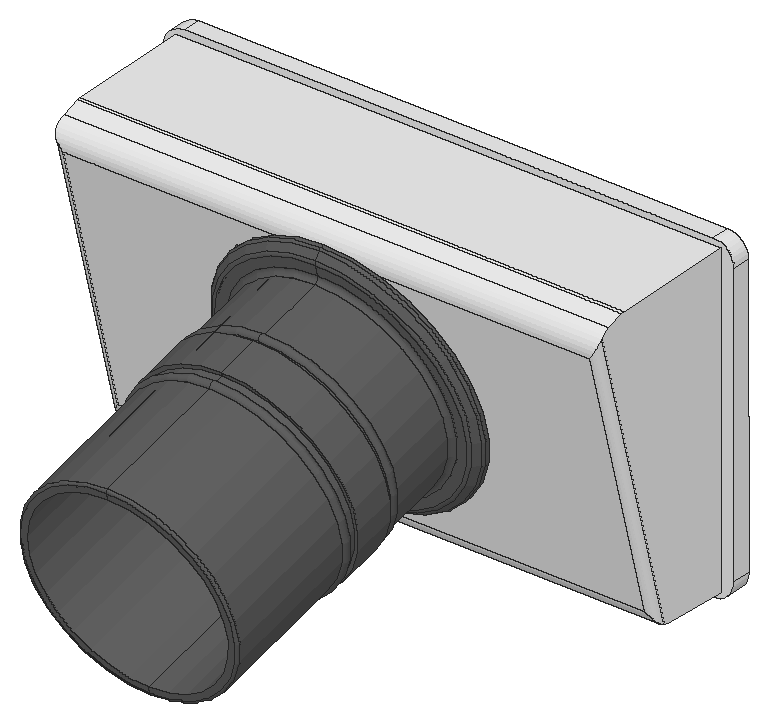
Revit family "Wall_Seal-Ariex-TSS-575-Titan-GS30", category Specialty Equipment, Revit 2012
Parameters (values of type "Standard")
  Width = 6.90"  # constant formula
  Unit = Plastic - Airex - Rigid
  URL = "http://www.airexmfg.com/index.htm"
  Technical Information = "http://www.airexmfg.com/prodspecs.htm"
  Submittal URL = "http://www.airexmfg.com/pdf/airexTitanGS30SSsubmittal2013.pdf"
  Sleeve = Plastic - Airex - Elastomeric
  Model = "TSS575"  # constant formula
  Manufacturer Phone = "(760) 343-2277"  # constant formula
  Manufacturer Fax = "(760) 343-5599"  # constant formula
  Manufacturer Email = "mailto:customerservice@airexmfg.com"
  Manufacturer Address = "72170 Dunham Way, Suite D , Thousand Palms, CA 92276."  # constant formula
  Manufacturer = "AIREX Manufacturing Inc."  # constant formula
  Length = 3.90"  # constant formula
  Inner Radius = Inner Diameter / 2  # 1.19"
  Inner Diameter = 2.38"  # constant formula
  Description = "Titan GS-30 Wall Seal System"  # constant formula
  Default Elevation = 0.00"
  Cost Info = "mailto:customerservice@airexmfg.com"
  Brochure URL = "http://www.airexmfg.com/titan.htm"
Reference planes (in)
  plane 1 "Center (Front/Back)": y = 0
  plane 2: z = 0
  plane 3 "Center (Left/Right)": x = 0
  plane 4: x = -3.45
  plane 5: x = 3.45
  plane 6: z = 3.9
  plane 7: z = 1.95
Dimensions and locks (in)
  equal spacing: plane 6, plane 7, level
  "Length": plane 6 to plane 2
  equal spacing: plane 5, plane 3 "Center (Left/Right)", plane 4
  "Width": plane 5 to plane 4
  aligned and locked: plane 2 to level
  aligned and locked: plane 3 "Center (Left/Right)" to nested 1
  aligned and locked: nested 1 to plane 2
  aligned and locked: nested 2 to plane 3 "Center (Left/Right)"
  aligned and locked: nested 2 to nested 1
Nested families (in)
  nested 1: "Wall Mounted Outlet-TSS" at (0, 0, 1.94922) x (1, 0, 0) z (0, -1, 0), type "Wall Mounted Outlet-TSS"
  nested 2: "Inlet Sleeve" at (0, -1.68376, 1.94908) x (-1, 0, 0) z (0, -0.9659, -0.2588), type "Inlet Sleeve"
Definition of nested family "Wall Mounted Outlet-TSS"
  Parameters (values of type "Wall Mounted Outlet-TSS")
    Width = 6.89844"  # constant formula
    Unit = Plastic - Airex - Rigid
    Inner Radius = Inner Diameter / 2  # 0.84375"
    Inner Diameter = 1.6875"
    Height = 3.89844"  # constant formula
    Default Elevation = 0.00"
  Reference planes (in)
    plane 1 "Center (Front/Back)": y = 0
    plane 2: z = 0
    plane 3 "Center (Left/Right)": x = 0
    plane 4: x = -3.44922
    plane 5: x = 3.44922
    plane 6: y = 1.94922
    plane 7: y = -1.94922
    plane 8: through (0, -0.00014, 1.68376) normal (0, 0.9659, 0.2588)
  Forms (in)
    Extrusion 1, solid, material "Plastic - Airex - Rigid" <- "Unit", detail levels medium+fine
      sketch origin (0, 0, 0) x (1, 0, 0) y (0, 1, 0)
        loop
          line (-3.44922, 1.69922) -> (-3.44922, -1.69922)
          arc (-3.44922, -1.69922) -> (-3.376, -1.876) -> (-3.19922, -1.94922) r 0.25
          line (-3.19922, -1.94922) -> (3.19922, -1.94922)
          arc (3.19922, -1.94922) -> (3.376, -1.876) -> (3.44922, -1.69922) r 0.25
          line (3.44922, -1.69922) -> (3.44922, 1.69922)
          arc (3.44922, 1.69922) -> (3.376, 1.876) -> (3.19922, 1.94922) r 0.25
          line (3.19922, 1.94922) -> (-3.19922, 1.94922)
          arc (-3.19922, 1.94922) -> (-3.376, 1.876) -> (-3.44922, 1.69922) r 0.25
      from 0 to 0.21955
    Sweep 2, void
      path in 3D
        loop
          line (-3.295, -2.89861, 0.90712) -> (-3.295, 1.75233, 2.15334)
      profile origin (-3.295, -0.57314, 1.53023) x (0, 0.258819, -0.965926) y (-1, 0, 0)
        loop
          line (0, 0) -> (0, -0.10163)
          arc (0, -0.10163) -> (0.02977, -0.02977) -> (0.10163, 0) r 0.10163
          line (0.10163, 0) -> (0, 0)
    Sweep 3, void
      path in 3D
        loop
          line (3.295, -3.0773, 0.85924) -> (3.295, 1.75233, 2.15334)
      profile origin (3.295, -0.66248, 1.50629) x (0, -0.258819, 0.965926) y (1, 0, 0)
        loop
          line (0, 0) -> (-0.10163, 0)
          arc (-0.10163, 0) -> (-0.02977, -0.02977) -> (0, -0.10163) r 0.10163
          line (0, -0.10163) -> (0, 0)
    Extrusion 4, void
      sketch origin (0, 0, 0) x (1, 0, 0) y (0, 1, 0)
        loop
          circle (0, 0) r 0.84375
      from 0.21955 to 2.42295
    Extrusion 5, solid, material "Plastic - Airex - Rigid" <- "Unit", detail levels fine
      sketch origin (0, 0, 0) x (0, 1, 0) y (0, 0, 1)
        loop
          arc (-1.65923, 1.23921) -> (-1.79018, 1.15336) -> (-1.84438, 1.00645) r 0.25
          line (-1.84438, 1.00645) -> (-1.87186, 0.21955) -> (1.87186, 0.21955) -> (1.82088, 1.67925)
          arc (1.82088, 1.67925) -> (1.81864, 1.69892) -> (1.81335, 1.718) r 0.12617
          line (1.81335, 1.718) -> (1.74191, 1.91428)
          arc (1.74191, 1.91428) -> (1.62242, 2.05053) -> (1.44228, 2.07026) r 0.25
          line (1.44228, 2.07026) -> (-1.65923, 1.23921)
      from -3.295 to 3.295
    Extrusion 6, solid, material "Plastic - Airex - Rigid" <- "Unit", detail levels coarse
      sketch origin (0, 0, 0) x (0, 1, 0) y (0, 0, 1)
        loop
          line (-1.83792, 1.19133) -> (-1.87186, 0.21955) -> (-1.94922, 0.21955) -> (-1.94922, 0) -> (1.94922, 0) -> (1.94922, 0.21955) -> (1.87186, 0.21955) -> (1.80385, 2.16714) -> (-1.83792, 1.19133)
      from -3.44922 to 3.44922
    Extrusion 7, solid, material "Plastic - Airex - Rigid" <- "Unit", detail levels medium
      sketch origin (0, 0, 0) x (0, 1, 0) y (0, 0, 1)
        loop
          arc (-1.65923, 1.23921) -> (-1.79018, 1.15336) -> (-1.84438, 1.00645) r 0.25
          line (-1.84438, 1.00645) -> (-1.87186, 0.21955) -> (1.87186, 0.21955) -> (1.82088, 1.67925)
          arc (1.82088, 1.67925) -> (1.81864, 1.69892) -> (1.81335, 1.718) r 0.12617
          line (1.81335, 1.718) -> (1.74191, 1.91428)
          arc (1.74191, 1.91428) -> (1.62242, 2.05053) -> (1.44228, 2.07026) r 0.25
          line (1.44228, 2.07026) -> (-1.65923, 1.23921)
      from -3.295 to 3.295
  Cuts and joins
    Sweep 2, Sweep 3, Extrusion 4 cuts Extrusion 1
    Sweep 2, Sweep 3, Extrusion 4 cuts Extrusion 5
  Lines and regions (in)
    sketch lines
      curve 1: line (-3.295, -2.89861, 0.90712) -> (-3.295, 1.75233, 2.15334)
      curve 2: line (3.295, -3.0773, 0.85924) -> (3.295, 1.75233, 2.15334)
    symbolic lines, style "Wall Mounted Outlet"
      curve 3: line (3.19922, 1.94922, 0) -> (-3.19922, 1.94922, 0)
      curve 4: arc (-3.19922, 1.94922, 0) -> (-3.376, 1.876, 0) -> (-3.44922, 1.69922, 0) r 0.25
      curve 5: line (-3.44922, 1.69922, 0) -> (-3.44922, -1.69922, 0)
      curve 6: arc (-3.44922, -1.69922, 0) -> (-3.376, -1.876, 0) -> (-3.19922, -1.94922, 0) r 0.25
      curve 7: line (-3.19922, -1.94922, 0) -> (3.19922, -1.94922, 0)
      curve 8: arc (3.19922, -1.94922, 0) -> (3.376, -1.876, 0) -> (3.44922, -1.69922, 0) r 0.25
      curve 9: line (3.44922, -1.69922, 0) -> (3.44922, 1.69922, 0)
      curve 10: arc (3.44922, 1.69922, 0) -> (3.376, 1.876, 0) -> (3.19922, 1.94922, 0) r 0.25
      curve 11: line (-3.295, 1.87186, 0) -> (3.295, 1.87186, 0)
      curve 12: line (-3.295, -1.87186, 0) -> (-3.295, 1.87186, 0)
      curve 13: line (3.295, -1.87186, 0) -> (-3.295, -1.87186, 0)
      curve 14: line (3.295, 1.87186, 0) -> (3.295, -1.87186, 0)
      curve 15: circle (0, 0, 0) r 0.84375 normal (0, 0, 1)
      curve 24: line (0, 1.87186, 0.21955) -> (0, -1.87186, 0.21955)
    symbolic lines, style "Wall Mounted Outlet", detail levels coarse
      curve 16: line (0, -1.83792, 1.19133) -> (0, 1.80385, 2.16714)
      curve 17: line (0, 1.80385, 2.16714) -> (0, 1.87186, 0.21955)
      curve 18: line (0, 1.87186, 0.21955) -> (0, 1.94922, 0.21955)
      curve 19: line (0, 1.94922, 0.21955) -> (0, 1.94922, 0)
      curve 20: line (0, 1.94922, 0) -> (0, -1.94922, 0)
      curve 21: line (0, -1.94922, 0) -> (0, -1.94922, 0.21955)
      curve 22: line (0, -1.94922, 0.21955) -> (0, -1.87186, 0.21955)
      curve 23: line (0, -1.87186, 0.21955) -> (0, -1.83792, 1.19133)
      curve 36: line (3.44922, 0, 2.16714) -> (-3.44922, 0, 2.16714)
      curve 37: line (-3.44922, 0, 2.16714) -> (-3.44922, 0, 0)
      curve 38: line (-3.44922, 0, 1.19133) -> (3.44922, 0, 1.19133)
      curve 39: line (3.44922, 0, 0.21955) -> (-3.44922, 0, 0.21955)
      curve 40: line (-3.44922, 0, 0) -> (3.44922, 0, 0)
      curve 41: line (3.44922, 0, 0) -> (3.44922, 0, 2.16714)
    symbolic lines, style "Wall Mounted Outlet", detail levels medium+fine
      curve 25: line (0, -1.6634, 1.23809) -> (0, 1.44219, 2.07027)
      curve 26: line (0, 1.82019, 1.69922) -> (0, 1.87186, 0.21955)
      curve 27: line (0, 1.87186, 0.21955) -> (0, 1.94922, 0.21955)
      curve 28: line (0, 1.94922, 0.21955) -> (0, 1.94922, 0)
      curve 29: line (0, 1.94922, 0) -> (0, -1.94922, 0)
      curve 30: line (0, -1.94922, 0) -> (0, -1.94922, 0.21955)
      curve 31: line (0, -1.94922, 0.21955) -> (0, -1.87186, 0.21955)
      curve 32: line (0, -1.87186, 0.21955) -> (0, -1.84438, 1.00645)
      curve 33: line (0, 1.82019, 1.69922) -> (0, 1.74181, 1.91424)
      curve 34: arc (0, 1.74181, 1.91424) -> (0, 1.62233, 2.0505) -> (0, 1.44219, 2.07027) r 0.25006
      curve 35: arc (0, -1.84438, 1.00645) -> (0, -1.7915, 1.15166) -> (0, -1.6634, 1.23809) r 0.25017
      curve 48: line (3.44922, 0, 0.21955) -> (-3.44922, 0, 0.21955)
      curve 49: line (-3.44922, 0, 0) -> (3.44922, 0, 0)
      curve 50: line (-3.44922, 0, 0.21955) -> (-3.44922, 0, 0)
      curve 51: line (3.44922, 0, 0.21955) -> (3.44922, 0, 0)
    symbolic lines, style "Wall Mounted Outlet", detail levels medium
      curve 42: line (-3.295, 0, 2.0788) -> (3.295, 0, 2.0788)
      curve 43: line (-3.295, 0, 0.21955) -> (3.295, 0, 0.21955)
      curve 44: line (-3.295, 0, 2.0788) -> (-3.295, 0, 0.21955)
      curve 45: line (3.295, 0, 0.21955) -> (3.295, 0, 2.0788)
      curve 46: line (-3.295, 0, 1.23921) -> (3.295, 0, 1.23921)
    symbolic lines, style "Wall Mounted Outlet", detail levels fine
      curve 47: line (-3.295, 0, 2.02994) -> (-3.295, 0, 0.21955)
      curve 52: spline (3.24981, 0, 2.07846) -> (3.2549, 0, 2.07681) -> (3.25977, 0, 2.07468) -> (3.26442, 0, 2.07205) -> (3.26885, 0, 2.06894) -> (3.27303, 0, 2.06535) -> (3.27697, 0, 2.06129) -> (3.28066, 0, 2.05676) -> (3.28408, 0, 2.05179) -> (3.28723, 0, 2.04637) -> (3.2901, 0, 2.04051) -> (3.2927, 0, 2.03424) -> (3.295, 0, 2.02756)
      curve 53: spline (3.295, 0, 1.0974) -> (3.29182, 0, 1.11525) -> (3.28753, 0, 1.1323) -> (3.28216, 0, 1.14844) -> (3.27574, 0, 1.16355) -> (3.26832, 0, 1.17755) -> (3.25994, 0, 1.19034) -> (3.25065, 0, 1.20184) -> (3.24052, 0, 1.21198) -> (3.22961, 0, 1.2207) -> (3.218, 0, 1.22792) -> (3.20575, 0, 1.23362) -> (3.19294, 0, 1.23775)
      curve 54: spline (-3.19317, 0, 1.23789) -> (-3.20475, 0, 1.23395) -> (-3.21598, 0, 1.22832) -> (-3.22681, 0, 1.22106) -> (-3.23715, 0, 1.21221) -> (-3.24693, 0, 1.20182) -> (-3.2561, 0, 1.18998) -> (-3.26458, 0, 1.17675) -> (-3.27233, 0, 1.16222) -> (-3.27929, 0, 1.1465) -> (-3.28542, 0, 1.12969) -> (-3.29066, 0, 1.11189) -> (-3.295, 0, 1.09324)
      curve 55: line (3.295, 0, 0.21955) -> (3.295, 0, 2.02756)
      curve 56: spline (-0.83957, 0, 1.6838) -> (-0.81758, 0, 1.62604) -> (-0.73733, 0, 1.57184) -> (-0.60453, 0, 1.52507) -> (-0.42867, 0, 1.48905) -> (-0.22225, 0, 1.46636) -> (0, 0, 1.45862) -> (0.22225, 0, 1.46636) -> (0.42867, 0, 1.48905) -> (0.60453, 0, 1.52507) -> (0.73733, 0, 1.57184) -> (0.81758, 0, 1.62604) -> (0.83957, 0, 1.6838)
      curve 57: spline (0.83957, 0, 1.6838) -> (0.81758, 0, 1.74156) -> (0.73733, 0, 1.79576) -> (0.60453, 0, 1.84253) -> (0.42867, 0, 1.87855) -> (0.22225, 0, 1.90124) -> (0, 0, 1.90898) -> (-0.22225, 0, 1.90124) -> (-0.42867, 0, 1.87855) -> (-0.60453, 0, 1.84253) -> (-0.73733, 0, 1.79576) -> (-0.81758, 0, 1.74156) -> (-0.83957, 0, 1.6838)
      curve 58: spline (-3.295, 0, 2.02994) -> (-3.29289, 0, 2.03737) -> (-3.29023, 0, 2.04424) -> (-3.28702, 0, 2.05052) -> (-3.28329, 0, 2.0562) -> (-3.27904, 0, 2.06125) -> (-3.27429, 0, 2.06566) -> (-3.26904, 0, 2.06942) -> (-3.26332, 0, 2.07251) -> (-3.25715, 0, 2.07492) -> (-3.25054, 0, 2.07665) -> (-3.24352, 0, 2.07769) -> (-3.2361, 0, 2.07804)
      curve 59: line (-3.2361, 0, 2.07846) -> (3.24981, 0, 2.07846)
      curve 60: line (-3.19317, 0, 1.23789) -> (3.19294, 0, 1.23775)
  Dimensions and locks (in)
    equal spacing: plane 4, plane 3 "Center (Left/Right)", plane 5
    equal spacing: plane 6, plane 1 "Center (Front/Back)", plane 7
    "Height": plane 6 to plane 7
    "Width": plane 4 to plane 5
    "Inner Radius": radius of Extrusion 4 sketch curve
    "Inner Radius": radius of curve 15
    aligned and locked: plane 2 to level
    aligned and locked: Extrusion 1 sketch curve to plane 4
    aligned and locked: plane 7 to Extrusion 1 sketch curve
    aligned and locked: plane 5 to Extrusion 1 sketch curve
    aligned and locked: Extrusion 1 sketch curve to plane 6
    aligned and locked: plane 1 "Center (Front/Back)" to Extrusion 4 sketch curve
    aligned and locked: plane 3 "Center (Left/Right)" to Extrusion 4 sketch curve
    aligned and locked: Extrusion 6 to plane 4
    aligned and locked: Extrusion 6 to plane 5
    aligned and locked: curve 16 to Extrusion 6
    aligned and locked: curve 17 to Extrusion 6
    aligned and locked: curve 18 to Extrusion 6
    aligned and locked: curve 19 to Extrusion 6
    aligned and locked: curve 20 to Extrusion 6
    aligned and locked: curve 21 to Extrusion 6
    aligned and locked: curve 22 to Extrusion 6
    aligned and locked: curve 23 to Extrusion 6
    aligned and locked: curve 36 to Extrusion 6
    aligned and locked: curve 37 to Extrusion 6
    aligned and locked: curve 38 to Extrusion 6
    aligned and locked: curve 39 to Extrusion 6
    aligned and locked: curve 40 to Extrusion 6
    aligned and locked: curve 41 to Extrusion 6
    aligned and locked: Extrusion 7 to curve 43
    aligned and locked: curve 43 to Extrusion 7
    aligned and locked: curve 44 to Extrusion 7
    aligned and locked: curve 45 to Extrusion 7
    aligned and locked: curve 44 to curve 46
    aligned and locked: curve 46 to Extrusion 7
    aligned and locked: curve 47 to cut or joined group of Sweep 2, Sweep 3, Extrusion 4, Extrusion 5
    aligned and locked: curve 48 to cut or joined group of Extrusion 1, Sweep 2, Sweep 3, Extrusion 4
    aligned and locked: curve 49 to cut or joined group of Extrusion 1, Sweep 2, Sweep 3, Extrusion 4
    aligned and locked: curve 50 to cut or joined group of Extrusion 1, Sweep 2, Sweep 3, Extrusion 4
    aligned and locked: curve 51 to cut or joined group of Extrusion 1, Sweep 2, Sweep 3, Extrusion 4
    aligned and locked: curve 55 to cut or joined group of Sweep 2, Sweep 3, Extrusion 4, Extrusion 5
  Automatic sketch dimensions
    curve 5 to plane 4 = 0.00"
    plane 7 to curve 6 = 0.00"
    curve 3 to plane 6 = 0.00"
    plane 1 "Center (Front/Back)" to curve 15 = 0.00"
    curve 15 to plane 3 "Center (Left/Right)" = 0.00"
    curve 9 to plane 5 = 0.00"
    plane 4 to curve 12 = 0.15422"
    curve 12 to curve 6 = 0.09578"
    curve 11 to curve 4 = 0.09578"
    curve 8 to curve 9 = 0.25"
    curve 10 to curve 9 = 0.25"
    curve 7 to curve 14 = 0.09578"
    curve 14 to plane 7 = 0.07736"
    curve 11 to plane 6 = 0.07736"
    curve 20 to level = 0.00"
    curve 20 to plane 7 = 0.00"
    curve 19 to plane 6 = 0.00"
    curve 32 to plane 7 = 0.07736"
    curve 35 to plane 7 = 0.10484"
    curve 16 to plane 7 = 0.1113"
    curve 16 to curve 35 = 0.17452"
    curve 25 to curve 35 = 0.06904"
    curve 34 to plane 6 = 0.50703"
    curve 25 to curve 34 = 0.06464"
    curve 34 to plane 6 = 0.2074"
    curve 16 to plane 6 = 0.14537"
    curve 26 to plane 6 = 0.12903"
    curve 33 to curve 26 = 0.00"  (x2)
    curve 26 to plane 6 = 0.07736"
    level to curve 19 = 0.21955"
    curve 22 to curve 35 = 0.77809"
    curve 35 to curve 32 = 0.00882"
    curve 23 to curve 35 = 0.04676"
    curve 17 to curve 26 = 1.47967"
    curve 26 to curve 34 = 0.12949"
    curve 26 to curve 34 = 0.21502"
    plane 4 to Extrusion 1 sketch curve = 0.25"  (x2)
    plane 5 to Extrusion 1 sketch curve = 0.25"  (x2)
    profile plane to Sweep 2 sketch curve = 0.00"
    Sweep 2 sketch curve to profile plane = 0.00"
    Sweep 2 sketch curve to Sweep 2 sketch curve = 0.10163"
    Sweep 3 sketch curve to profile plane = 0.00"  (x2)
    Sweep 3 sketch curve to Sweep 3 sketch curve = 0.10163"
    Extrusion 5 sketch curve to plane 7 = 0.07736"
    Extrusion 5 sketch curve to plane 7 = 0.10484"
    Extrusion 5 sketch curve to plane 7 = 0.28998"
    Extrusion 5 sketch curve to Extrusion 5 sketch curve = 0.0647"  (x2)
    Extrusion 5 sketch curve to plane 6 = 0.50694"
    Extrusion 5 sketch curve to Extrusion 5 sketch curve = 0.1878"
    Extrusion 5 sketch curve to plane 6 = 0.20731"
    Extrusion 5 sketch curve to Extrusion 5 sketch curve = 0.11856"
    Extrusion 5 sketch curve to Extrusion 5 sketch curve = 0.00753"
    Extrusion 5 sketch curve to plane 6 = 0.07736"
    level to Extrusion 5 sketch curve = 0.21955"
    Extrusion 5 sketch curve to Extrusion 5 sketch curve = 0.77818"
    Extrusion 5 sketch curve to Extrusion 5 sketch curve = 0.00872"
    Extrusion 5 sketch curve to Extrusion 5 sketch curve = 1.4553"
    Extrusion 5 sketch curve to Extrusion 5 sketch curve = 0.0044"
    Extrusion 5 sketch curve to Extrusion 5 sketch curve = 0.15393"
    Extrusion 5 sketch curve to Extrusion 5 sketch curve = 0.19628"
    Extrusion 6 sketch curve to plane 7 = 0.00"
    Extrusion 6 sketch curve to level = 0.00"
    Extrusion 6 sketch curve to plane 6 = 0.00"
    Extrusion 6 sketch curve to plane 7 = 0.07736"
    Extrusion 6 sketch curve to plane 7 = 0.1113"
    Extrusion 6 sketch curve to plane 6 = 0.14537"
    Extrusion 6 sketch curve to plane 6 = 0.07736"
    Extrusion 6 sketch curve to Extrusion 6 sketch curve = 0.21955"
    level to Extrusion 6 sketch curve = 0.21955"
    Extrusion 6 sketch curve to Extrusion 6 sketch curve = 0.97178"
    Extrusion 6 sketch curve to Extrusion 6 sketch curve = 1.94759"
    Extrusion 7 sketch curve to plane 7 = 0.07736"
    Extrusion 7 sketch curve to plane 7 = 0.10484"
    Extrusion 7 sketch curve to plane 7 = 0.28998"
    Extrusion 7 sketch curve to Extrusion 7 sketch curve = 0.0647"  (x2)
    Extrusion 7 sketch curve to plane 6 = 0.50694"
    Extrusion 7 sketch curve to Extrusion 7 sketch curve = 0.1878"
    Extrusion 7 sketch curve to plane 6 = 0.20731"
    Extrusion 7 sketch curve to Extrusion 7 sketch curve = 0.11856"
    Extrusion 7 sketch curve to Extrusion 7 sketch curve = 0.00753"
    Extrusion 7 sketch curve to plane 6 = 0.07736"
    level to Extrusion 7 sketch curve = 0.21955"
    Extrusion 7 sketch curve to Extrusion 7 sketch curve = 0.77818"
    Extrusion 7 sketch curve to Extrusion 7 sketch curve = 0.00872"
    Extrusion 7 sketch curve to Extrusion 7 sketch curve = 1.4553"
    Extrusion 7 sketch curve to Extrusion 7 sketch curve = 0.0044"
    Extrusion 7 sketch curve to Extrusion 7 sketch curve = 0.15393"
    Extrusion 7 sketch curve to Extrusion 7 sketch curve = 0.19628"
    curve 48 to plane 4 = 0.00"
    curve 57 to plane 3 "Center (Left/Right)" = 0.00"
    curve 56 to plane 3 "Center (Left/Right)" = 0.00"
    curve 51 to level = 0.00"
    curve 47 to curve 58 = 0.00"
    curve 42 to curve 58 = 0.02285"
    curve 58 to curve 59 = 0.03605"
    curve 59 to curve 58 = 0.00"
    curve 46 to curve 54 = 0.10183"
    curve 54 to curve 54 = 0.01314"
    curve 54 to curve 54 = 0.14076"
    curve 47 to curve 58 = 0.17555"
    curve 57 to curve 57 = 0.8401"
    curve 57 to curve 57 = 0.00053"
    curve 56 to curve 56 = 0.00053"
    curve 53 to curve 46 = 0.17555"
    curve 52 to curve 42 = 0.14076"
    curve 60 to curve 46 = 0.10206"
    curve 60 to curve 53 = 0.00691"
    curve 52 to curve 42 = 0.04519"
    curve 59 to curve 52 = 0.00737"
    curve 55 to curve 45 = 0.00"
    curve 43 to curve 55 = 0.00"
    curve 48 to curve 43 = 0.00"
    curve 55 to curve 43 = 0.00"
    curve 54 to curve 46 = 0.25623"
    curve 53 to curve 46 = 0.24918"
    curve 54 to curve 46 = 0.14597"
    curve 53 to curve 46 = 0.14181"
    curve 38 to curve 46 = 0.04788"
    level to curve 56 = 1.67605"
    curve 56 to curve 57 = 0.00775"  (x2)
    curve 53 to curve 52 = 0.60092"
    curve 54 to curve 58 = 0.61843"
    curve 55 to curve 52 = 0.04832"
    curve 47 to curve 58 = 0.03738"
    curve 58 to curve 47 = 0.00"
    curve 52 to curve 45 = 0.00292"
    curve 42 to curve 36 = 0.08834"
Definition of nested family "Inlet Sleeve"
  Parameters (values of type "Inlet Sleeve")
    Width = 7.50"
    Sleeve = Plastic - Airex - Elastomeric
    Outer Radius = Outer Diameter / 2  # 1.3125"
    Outer Diameter = Inner Diameter + (2 * 0.125")  # 2.625"
    Length = 10.00"
    Inner Radius = Inner Diameter / 2  # 1.1875"
    Inner Diameter = 2.375"
    Default Elevation = 48.00"
  Reference planes (in)
    plane 1 "Center (Front/Back)": y = 0
    plane 2: z = 0
    plane 3 "Center (Left/Right)": x = 0
  Forms (in)
    Revolve 1, solid, material "Plastic - Airex - Elastomeric" <- "Sleeve"
      sketch origin (0, -0.57033, -1.88485) x (0, 0.962989, -0.269539) y (0, 0.269539, 0.962989)
        loop
          line (0.24135, 5.65936) -> (1.18473, 2.28889) -> (1.60604, 2.40682) -> (1.59562, 2.44406)
          arc (1.59562, 2.44406) -> (1.58558, 2.46378) -> (1.56872, 2.47809) r 0.05624
          line (1.56872, 2.47809) -> (1.48353, 2.52532)
          arc (1.48353, 2.52532) -> (1.46071, 2.53266) -> (1.43681, 2.53079) r 0.06194
          line (1.43681, 2.53079) -> (1.31437, 2.49652)
          arc (1.31437, 2.49652) -> (1.26465, 2.4968) -> (1.23247, 2.53471) r 0.05954
          line (1.23247, 2.53471) -> (1.01907, 3.29713)
          arc (1.01907, 3.29713) -> (1.0392, 3.35627) -> (0.99129, 3.39638) r 0.05525
          line (0.99129, 3.39638) -> (0.97564, 3.4523) -> (1.02134, 3.46509) -> (0.88657, 3.94658) -> (0.84087, 3.93379) -> (0.81649, 4.0209)
          arc (0.81649, 4.0209) -> (0.8406, 4.08366) -> (0.78741, 4.1248) r 0.05632
          line (0.78741, 4.1248) -> (0.35756, 5.66055)
          arc (0.35756, 5.66055) -> (0.34329, 5.67871) -> (0.32037, 5.68147) r 0.03017
          line (0.32037, 5.68147) -> (0.24135, 5.65936)
        axis (-0.9022, 5.33928) -> (0.04119, 1.96882)
      angle from 0 to 360
  Lines and regions (in)
    Masking region 1
      outline origin (0, 0, 0) x (1, 0, 0) y (0, 0, 1)
        loop
          line (-1.3125, 3.46983) -> (-1.3125, 1.87505)
          arc (-1.3125, 1.87505) -> (-1.35264, 1.8211) -> (-1.3125, 1.76715) r 0.05632
          line (-1.3125, 1.76715) -> (-1.3125, 1.6767) -> (-1.35996, 1.6767) -> (-1.35996, 1.1767) -> (-1.3125, 1.1767) -> (-1.3125, 1.11863)
          arc (-1.3125, 1.11863) -> (-1.34782, 1.0671) -> (-1.3125, 1.01557) r 0.05525
          line (-1.3125, 1.01557) -> (-1.3125, 0.22385)
          arc (-1.3125, 0.22385) -> (-1.33326, 0.17867) -> (-1.38107, 0.165) r 0.05954
          line (-1.38107, 0.165) -> (-1.50822, 0.165)
          arc (-1.50822, 0.165) -> (-1.53174, 0.16036) -> (-1.55174, 0.14713) r 0.06194
          line (-1.55174, 0.14713) -> (-1.62105, 0.0787)
          arc (-1.62105, 0.0787) -> (-1.63342, 0.06036) -> (-1.63777, 0.03868) r 0.05624
          line (-1.63777, 0.03868) -> (-1.63777, 0) -> (1.63777, 0) -> (1.63777, 0.03868)
          arc (1.63777, 0.03868) -> (1.63342, 0.06036) -> (1.62105, 0.0787) r 0.05624
          line (1.62105, 0.0787) -> (1.55174, 0.14713)
          arc (1.55174, 0.14713) -> (1.53174, 0.16036) -> (1.50822, 0.165) r 0.06194
          line (1.50822, 0.165) -> (1.363, 0.165)
          arc (1.363, 0.165) -> (1.32686, 0.18507) -> (1.3125, 0.22385) r 0.05954
          line (1.3125, 0.22385) -> (1.3125, 1.01557)
          arc (1.3125, 1.01557) -> (1.34782, 1.0671) -> (1.3125, 1.11863) r 0.05525
          line (1.3125, 1.11863) -> (1.3125, 1.1767) -> (1.35996, 1.1767) -> (1.35996, 1.6767) -> (1.3125, 1.6767) -> (1.3125, 1.76715)
          arc (1.3125, 1.76715) -> (1.35264, 1.8211) -> (1.3125, 1.87505) r 0.05632
          line (1.3125, 1.87505) -> (1.3125, 3.46983)
          arc (1.3125, 3.46983) -> (1.30366, 3.49116) -> (1.28233, 3.5) r 0.03017
          line (1.28233, 3.5) -> (-1.28233, 3.5)
          arc (-1.28233, 3.5) -> (-1.30366, 3.49116) -> (-1.3125, 3.46983) r 0.03017
    Masking region 2
      outline origin (0, 0, 0) x (0, 1, 0) y (0, 0, 1)
        loop
          arc (-1.49544, 0.165) -> (-1.51897, 0.16036) -> (-1.53896, 0.14713) r 0.06194
          line (-1.53896, 0.14713) -> (-1.60827, 0.0787)
          arc (-1.60827, 0.0787) -> (-1.62065, 0.06036) -> (-1.625, 0.03868) r 0.05624
          line (-1.625, 0.03868) -> (-1.625, 0) -> (1.625, 0) -> (1.625, 0.03868)
          arc (1.625, 0.03868) -> (1.62065, 0.06036) -> (1.60827, 0.0787) r 0.05624
          line (1.60827, 0.0787) -> (1.53896, 0.14713)
          arc (1.53896, 0.14713) -> (1.51897, 0.16036) -> (1.49544, 0.165) r 0.06194
          line (1.49544, 0.165) -> (1.35023, 0.165)
          arc (1.35023, 0.165) -> (1.31409, 0.18507) -> (1.29973, 0.22385) r 0.05954
          line (1.29973, 0.22385) -> (1.29973, 1.01557)
          arc (1.29973, 1.01557) -> (1.33457, 1.05982) -> (1.3125, 1.11164) r 0.05525
          line (1.3125, 1.11164) -> (1.3125, 1.1767) -> (1.35996, 1.1767) -> (1.35996, 1.6767) -> (1.3125, 1.6767) -> (1.3125, 1.76016)
          arc (1.3125, 1.76016) -> (1.35264, 1.8141) -> (1.3125, 1.86805) r 0.05632
          line (1.3125, 1.86805) -> (1.3125, 3.47007)
          arc (1.3125, 3.47007) -> (1.30366, 3.49141) -> (1.28233, 3.50025) r 0.03017
          line (1.28233, 3.50025) -> (-1.28233, 3.50025)
          arc (-1.28233, 3.50025) -> (-1.30366, 3.49141) -> (-1.3125, 3.47007) r 0.03017
          line (-1.3125, 3.47007) -> (-1.3125, 1.86805)
          arc (-1.3125, 1.86805) -> (-1.35264, 1.8141) -> (-1.3125, 1.76016) r 0.05632
          line (-1.3125, 1.76016) -> (-1.3125, 1.6767) -> (-1.35996, 1.6767) -> (-1.35996, 1.1767) -> (-1.3125, 1.1767) -> (-1.3125, 1.11164)
          arc (-1.3125, 1.11164) -> (-1.33457, 1.05982) -> (-1.29973, 1.01557) r 0.05525
          line (-1.29973, 1.01557) -> (-1.29973, 0.22385)
          arc (-1.29973, 0.22385) -> (-1.31409, 0.18507) -> (-1.35023, 0.165) r 0.05954
          line (-1.35023, 0.165) -> (-1.49544, 0.165)
    symbolic lines, style "Sleeve"
      curve 1: line (1.3125, 0, 1.87505) -> (-1.3125, 0, 1.87505)
      curve 2: line (-1.3125, 0, 1.76715) -> (1.3125, 0, 1.76715)
      curve 3: line (1.3125, 0, 1.6767) -> (-1.3125, 0, 1.6767)
      curve 4: line (-1.35996, 0, 1.1767) -> (1.35996, 0, 1.1767)
      curve 5: line (1.3125, 0, 1.11863) -> (-1.3125, 0, 1.11863)
      curve 6: line (-1.3125, 0, 1.01557) -> (1.3125, 0, 1.01557)
      curve 7: line (1.363, 0, 0.165) -> (-1.3683, 0, 0.165)
      curve 8: line (0, -1.3125, 1.86805) -> (0, 1.3125, 1.86805)
      curve 9: line (0, -1.3125, 1.76016) -> (0, 1.3125, 1.76016)
      curve 10: line (0, 1.3125, 1.6767) -> (0, -1.35996, 1.6767)
      curve 11: line (0, 1.3125, 1.1767) -> (0, -1.3125, 1.1767)
      curve 12: line (0, -1.3125, 1.11863) -> (0, 1.3125, 1.11863)
      curve 13: line (0, -1.29973, 1.01557) -> (0, 1.29973, 1.01557)
      curve 14: line (0, 1.37044, 0.165) -> (0, -1.37044, 0.165)
      curve 15: circle (0, 0, 0) r 1.1875 normal (0, 0, 1)
      curve 16: circle (0, 0, 0) r 1.3125 normal (0, 0, 1)
  Dimensions and locks (in)
    locked: Revolve 1 sketch curve to Revolve 1 sketch curve at 0.11223
    locked: Revolve 1 sketch curve to Revolve 1 sketch curve at 0.09604
    locked: Revolve 1 sketch curve to Revolve 1 sketch curve at 0.0923
    Revolve 1 sketch curve to Revolve 1 sketch curve to Revolve 1 sketch curve = 0.32527" locked, 0.11223" locked
    locked: Revolve 1 sketch curve to Revolve 1 sketch curve at 0.04746
    Revolve 1 sketch curve to Revolve 1 sketch curve to Revolve 1 sketch curve to Revolve 1 sketch curve to Revolve 1 sketch curve to Revolve 1 sketch curve to Revolve 1 sketch curve = 0.165" locked, 0.9021" locked, 0.1096" locked, 0.50" locked, 0.1444" locked, 1.6789" locked
    "Inner Radius": Revolve 1 sketch curve to plane 1 "Center (Front/Back)"
    "Outer Radius": plane 3 "Center (Left/Right)" to Masking region 1 sketch curve
    "Outer Radius": Masking region 1 sketch curve to plane 3 "Center (Left/Right)"
    "Outer Radius": plane 1 "Center (Front/Back)" to Masking region 2 sketch curve
    "Outer Radius": Masking region 2 sketch curve to plane 1 "Center (Front/Back)"
    "Inner Radius": radius of curve 15
    "Outer Radius": radius of curve 16
    aligned and locked: plane 2 to level
    aligned and locked: Masking region 2 to curve 9
    aligned and locked: curve 8 to Masking region 2
    aligned and locked: curve 10 to Masking region 2  (x2)
    aligned and locked: Masking region 2 to curve 11
    aligned and locked: Masking region 2 to curve 12  (x2)
    aligned and locked: Masking region 2 to curve 13
    aligned and locked: curve 13 to Masking region 2
    aligned and locked: curve 11 to Masking region 2
    aligned and locked: curve 9 to Masking region 2
    aligned and locked: Masking region 2 to curve 8
    aligned and locked: Masking region 1 to curve 1
    aligned and locked: Masking region 1 to curve 2  (x2)
    aligned and locked: Masking region 1 to curve 3
    aligned and locked: Masking region 1 to curve 4
    aligned and locked: curve 6 to Masking region 1
    aligned and locked: Masking region 1 to curve 5
    aligned and locked: Masking region 1 to curve 6
    aligned and locked: curve 5 to Masking region 1
    aligned and locked: curve 4 to Masking region 1
    aligned and locked: curve 3 to Masking region 1
    aligned and locked: curve 1 to Masking region 1
  Automatic sketch dimensions
    Revolve 1 sketch curve to plane 1 "Center (Front/Back)" = 0.00"  (x2)
    Revolve 1 sketch curve to level = 0.00"
    Revolve 1 sketch curve to Revolve 1 sketch curve = 2.38867"
    Revolve 1 sketch curve to Revolve 1 sketch curve = 0.07902"
    Revolve 1 sketch curve to Revolve 1 sketch curve = 0.00813"
    Revolve 1 sketch curve to Revolve 1 sketch curve = 0.02906"
    Revolve 1 sketch curve to Revolve 1 sketch curve = 0.50314"
    Revolve 1 sketch curve to Revolve 1 sketch curve = 0.00105"
    Revolve 1 sketch curve to Revolve 1 sketch curve = 0.03013"
    Revolve 1 sketch curve to Revolve 1 sketch curve = 0.0457"
    Revolve 1 sketch curve to Revolve 1 sketch curve = 0.0053"
    Revolve 1 sketch curve to Revolve 1 sketch curve = 0.03308"
    Revolve 1 sketch curve to Revolve 1 sketch curve = 0.04774"
    Revolve 1 sketch curve to Revolve 1 sketch curve = 0.05733"
    Revolve 1 sketch curve to Revolve 1 sketch curve = 0.02456"
    Revolve 1 sketch curve to Revolve 1 sketch curve = 0.12244"
    Revolve 1 sketch curve to Revolve 1 sketch curve = 0.0167"
    Revolve 1 sketch curve to Revolve 1 sketch curve = 0.04672"
    Revolve 1 sketch curve to Revolve 1 sketch curve = 0.06459"
    Revolve 1 sketch curve to Revolve 1 sketch curve = 0.02727"
    Revolve 1 sketch curve to Revolve 1 sketch curve = 0.01042"
    Revolve 1 sketch curve to Revolve 1 sketch curve = 0.01516"
    Revolve 1 sketch curve to Revolve 1 sketch curve = 0.05965"
    Masking region 1 sketch curve to level = 0.00"
    Masking region 1 sketch curve to Masking region 1 sketch curve = 0.00"  (x3)
    Masking region 1 sketch curve to Masking region 1 sketch curve = 0.04746"  (x2)
    Masking region 1 sketch curve to Masking region 1 sketch curve = 0.05954"  (x2)
    Masking region 1 sketch curve to Masking region 1 sketch curve = 0.00903"
    Masking region 1 sketch curve to Masking region 1 sketch curve = 0.12715"
    level to Masking region 1 sketch curve = 0.14713"  (x2)
    Masking region 1 sketch curve to Masking region 1 sketch curve = 0.04352"  (x2)
    Masking region 1 sketch curve to Masking region 1 sketch curve = 0.07331"  (x2)
    level to Masking region 1 sketch curve = 0.0787"
    Masking region 1 sketch curve to Masking region 1 sketch curve = 0.03952"  (x2)
    level to Masking region 1 sketch curve = 0.03868"  (x2)
    Masking region 1 sketch curve to Masking region 1 sketch curve = 0.01619"  (x3)
    Masking region 1 sketch curve to Masking region 1 sketch curve = 0.01993"  (x3)
    Masking region 1 sketch curve to Masking region 1 sketch curve = 0.03017"  (x2)
    Masking region 1 sketch curve to Masking region 1 sketch curve = 0.00374"
    level to Masking region 1 sketch curve = 0.22385"
    Masking region 1 sketch curve to Masking region 1 sketch curve = 0.14521"
    Masking region 1 sketch curve to Masking region 1 sketch curve = 0.01673"
    Masking region 1 sketch curve to Masking region 1 sketch curve = 0.79173"  (x2)
    Masking region 1 sketch curve to Masking region 1 sketch curve = 0.05153"  (x2)
    Masking region 1 sketch curve to Masking region 1 sketch curve = 0.05807"  (x2)
    Masking region 1 sketch curve to Masking region 1 sketch curve = 0.50"  (x2)
    Masking region 1 sketch curve to Masking region 1 sketch curve = 0.09045"  (x2)
    Masking region 1 sketch curve to Masking region 1 sketch curve = 0.05395"  (x2)
    Masking region 1 sketch curve to Masking region 1 sketch curve = 1.59478"
    Masking region 1 sketch curve to Masking region 1 sketch curve = 0.04407"  (x2)
    level to curve 14 = 0.165"
    curve 14 to curve 10 = 0.01049"
    curve 13 to curve 14 = 0.07072"
    curve 14 to curve 13 = 0.85057"
    curve 13 to curve 12 = 0.10306"
    curve 12 to curve 11 = 0.05807"
    curve 11 to curve 10 = 0.50"
    curve 10 to curve 9 = 0.08345"
    curve 9 to curve 8 = 0.10789"
    Masking region 2 sketch curve to level = 0.00"
    Masking region 2 sketch curve to Masking region 2 sketch curve = 0.00"  (x2)
    level to Masking region 2 sketch curve = 0.165"
    Masking region 2 sketch curve to Masking region 2 sketch curve = 0.03773"
    Masking region 2 sketch curve to Masking region 2 sketch curve = 0.00903"  (x2)
    Masking region 2 sketch curve to Masking region 2 sketch curve = 0.04746"  (x2)
    Masking region 2 sketch curve to Masking region 2 sketch curve = 0.14521"  (x2)
    Masking region 2 sketch curve to Masking region 2 sketch curve = 0.04352"  (x2)
    Masking region 2 sketch curve to Masking region 2 sketch curve = 0.07331"  (x2)
    level to Masking region 2 sketch curve = 0.0787"
    Masking region 2 sketch curve to Masking region 2 sketch curve = 0.03952"  (x2)
    Masking region 2 sketch curve to Masking region 2 sketch curve = 0.05624"
    Masking region 2 sketch curve to Masking region 2 sketch curve = 0.05954"
    Masking region 2 sketch curve to Masking region 2 sketch curve = 0.01619"  (x3)
    Masking region 2 sketch curve to Masking region 2 sketch curve = 0.03017"  (x2)
    Masking region 2 sketch curve to Masking region 2 sketch curve = 0.0327"  (x3)
    level to Masking region 2 sketch curve = 0.22385"
    Masking region 2 sketch curve to Masking region 2 sketch curve = 0.01993"
    Masking region 2 sketch curve to Masking region 2 sketch curve = 0.0505"
    level to Masking region 2 sketch curve = 0.03868"
    Masking region 2 sketch curve to Masking region 2 sketch curve = 0.01673"
    Masking region 2 sketch curve to Masking region 2 sketch curve = 0.06194"  (x2)
    Masking region 2 sketch curve to Masking region 2 sketch curve = 0.79173"  (x2)
    Masking region 2 sketch curve to Masking region 2 sketch curve = 0.05153"  (x2)
    Masking region 2 sketch curve to Masking region 2 sketch curve = 0.06507"  (x2)
    Masking region 2 sketch curve to Masking region 2 sketch curve = 0.50"  (x2)
    Masking region 2 sketch curve to Masking region 2 sketch curve = 0.08345"  (x2)
    Masking region 2 sketch curve to Masking region 2 sketch curve = 0.05395"  (x2)
    Masking region 2 sketch curve to Masking region 2 sketch curve = 1.60202"
    curve 15 to curve 16 = 0.00"  (x2)
    plane 1 "Center (Front/Back)" to curve 16 = 0.00"
    curve 16 to plane 3 "Center (Left/Right)" = 0.00"
    level to curve 7 = 0.165"
    curve 7 to curve 6 = 0.0558"
    curve 5 to curve 7 = 0.0505"
    curve 7 to curve 6 = 0.85057"
    curve 6 to curve 5 = 0.10306"
    curve 5 to curve 4 = 0.05807"
    curve 4 to curve 3 = 0.50"
    curve 3 to curve 2 = 0.09045"
    curve 2 to curve 1 = 0.10789"
